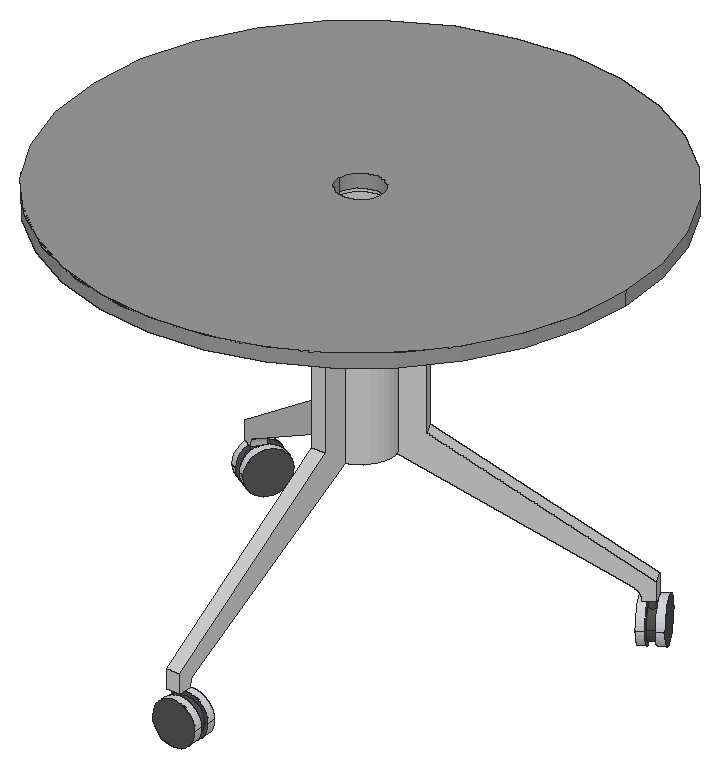
Revit family "Haworth_Planes_DiscussionTable_AP_PRELIMINARY", category Furniture, Revit 2019
Family settings
  OmniClass Number = 23.40.70.14.64.21
  OmniClass Title = Systems Furniture
  Work Plane-Based = No
  Always vertical = Yes
  Cut with Voids When Loaded = No
  Shared = No
  Room Calculation Point = No
Parameters (values of type "1000dia")
  with Cutout = if(Cutout, Actual Height + 30 mm, Actual Height - 50 mm)  # 770 mm
  Warranty = "http://www.haworth.com/resources/product-info/warranties"
  URL - Product = "https://www.haworth.com/ap/en/products/conference-tables/planes-0.html"
  Top Finish [instance] = Haworth _ Laminate _ Undecided _ Tables
  Support Finish [instance] = Haworth _ Paint _ Undecided _ Table
  Small = no
  Model = "WOPLTD"  # constant formula
  Medium = not(or(Large, Small))  # no
  Leg Height = Actual Height - 30 mm  # 710 mm
  Large = yes
  Glides = not(Casters)  # no
  Glide Finish = Haworth _ Polymer _ Black
  Flip Top Finish = Haworth _ Paint _ Undecided _ Table
  Description = "Haworth - Planes - Discussion Table"  # constant formula
  URL = "https://www.haworth.com/ap/en.html"
  Size = "Verify Final Dim. w/ Haworth"  # constant formula
  Revision Number = "1"  # constant formula
  Manufacturer = "Haworth"  # constant formula
  Cutout = yes
  Casters = yes
  Author = "Haworth (Abd Rahman)"  # constant formula
  Assembly Code = "E2020200"
  Actual Width = if(Small, 850 mm, if(Medium, 900 mm, 1000 mm))  # 1000 mm
  Actual Height = 740 mm  # constant formula
  Actual Diameter = Actual Width / 2  # 500 mm
  Actual Depth = Actual Width  # 1000 mm
Types (4, lengths in mm): name | with Cutout | Small | Medium | Large | Glides | Cutout | Casters | Actual Width | Actual Diameter | Actual Depth
  (no name) | 770 | no | no | yes | no | yes | yes | 1000 | 500 | 1000
  850dia | 690 | yes | no | no | yes | no | no | 850 | 425 | 850
  900dia | 770 | no | yes | no | yes | yes | no | 900 | 450 | 900
  1000dia | 770 | no | no | yes | no | yes | yes | 1000 | 500 | 1000
Reference planes
  plane 1 "Center F/B": y = 0
  plane 2: z = 0
  plane 3 "Top": z = 740
  plane 4: x = 0
  plane 5: z = 715
  plane 6: x = -500
  plane 7: x = 500
  plane 8: y = 500
  plane 9: y = -500
  plane 10: x = 200
  plane 11: x = -200
  plane 12: y = -380
  plane 13: z = 770
Forms (mm)
  Extrusion 1, solid, material "Haworth _ Laminate _ Undecided _ Tables" <- "Top Finish"
    sketch origin (0, 0, 0) x (1, 0, 0) y (0, 1, 0)
      loop
        circle (0, 0) r 500
    from 715 to 740
  Extrusion 2, void
    sketch origin (0, 0, 0) x (1, 0, 0) y (0, 1, 0)
      loop
        circle (0, 0) r 40
    from 0 to 770 <- "with Cutout"
Cuts and joins
  Extrusion 2 cuts Extrusion 1
Lines and regions (mm)
  Masking region 1
    outline origin (0, 0, 0) x (1, 0, 0) y (0, 1, 0)
      loop
        circle (0, 0) r 500
Dimensions and locks
  "Actual Height": plane 3 "Top" to level
  "Actual Width": plane 6 to plane 7
  equal spacing: plane 6, plane 4, plane 7
  equal spacing: plane 8, plane 1 "Center F/B", plane 9
  "Actual Depth": plane 8 to plane 9
  locked: plane 3 "Top" to plane 5 at 25
  locked: plane 6 to plane 11 at 300
  locked: plane 10 to plane 7 at 300
  locked: plane 12 to plane 9 at 120
  "with Cutout": plane 13 to level
  "Actual Diameter": radius of Extrusion 1 sketch curve
  radius of Extrusion 2 sketch curve = 40 mm
  "Actual Diameter": radius of Masking region 1 sketch curve
  aligned and locked: plane 4 to nested 1
  aligned and locked: plane 1 "Center F/B" to nested 1
  aligned and locked: plane 4 to Extrusion 1 sketch curve
  aligned and locked: plane 1 "Center F/B" to Extrusion 1 sketch curve
  aligned and locked: plane 3 "Top" to Extrusion 1
  aligned and locked: Extrusion 1 to plane 5
  aligned and locked: plane 4 to Extrusion 2 sketch curve
  aligned and locked: plane 1 "Center F/B" to Extrusion 2 sketch curve
  aligned and locked: Extrusion 2 to level
  aligned and locked: plane 4 to Masking region 1 sketch curve
  aligned and locked: plane 1 "Center F/B" to Masking region 1 sketch curve
Nested families
  nested 1: "Haworth_Planes_X-Base_AP-PART" at (-10, 0, 0), Support Finish <- "Support Finish", type "X-Base"
    with Support Finish Haworth _ Paint _ Undecided _ Table, Glides no
Definition of nested family "Haworth_Planes_X-Base_AP-PART"
  Parameters (values of type "X-Base")
    Warranty = ""
    URL - Product = ""
    Support Finish [instance] = none
    Glides = yes
    Model = "Haworth_Planes_X-Base_Part"  # constant formula
    Glide Finish = none
    Description = "Haworth_Planes_X-Base_Part"
    URL = ""
    Size = "Verify Final Dim. w/ Haworth"  # constant formula
    Revision Number = "1"  # constant formula
    Manufacturer = "Haworth"  # constant formula
    Casters = yes
    Caster Finish = none
    Author = "Haworth (Hampton, Abd Rahman)"  # constant formula
    Assembly Code = "E2020200"
    Actual Height = 710 mm
    Actual Diameter = 350 mm
  Reference planes
    plane 1 "Center F/B": y = 0
    plane 2 "Bottom": z = 0
    plane 3: z = 710
    plane 4: x = 10
    plane 5 "Leg 1": y = 12.7
    plane 6 "Leg 2": y = -12.7
    plane 7 "135": through (-0.006, -0.307, 1219.2) normal (-0.7071, 0.7071, 0)
    plane 8 "45": through (-0.006, 0.307, 1219.2) normal (0.7071, 0.7071, 0)
    plane 9: z = 715
  Forms (mm)
    Extrusion 1, solid, material <- "Support Finish"
      sketch origin (10.151, 4.437, 0) x (0.866025, 0.5, 0) y (-0.5, 0.866025, 0)
        loop
          circle (0, -3.75) r 55.705
        loop
          circle (0, -3.75) r 49
      from 303.6 to 710
    Extrusion 2, solid, material <- "Support Finish", visible <- "Glides"
      sketch origin (3.801, 15.436, 50.8) x (0.866025, 0.5, 0) y (0, 0, -1)
        loop
          line (98.08, -288.404) -> (439.738, -66.529) -> (439.738, 17.534) -> (417.332, 17.534) -> (417.332, -32.729)
          arc (417.332, -32.729) -> (414.84, -42.811) -> (408.447, -50.995) r 24.859
          arc (408.447, -50.995) -> (407.231, -51.896) -> (405.917, -52.645) r 12.7
          line (405.917, -52.645) -> (47.175, -252.8) -> (47.175, -659.2) -> (98.08, -659.2) -> (98.08, -288.404)
      from -25.4 to 0
    Extrusion 3, solid, material <- "Support Finish", visible <- "Casters"
      sketch origin (16.199, 15.436, 50.8) x (-0.866025, 0.5, 0) y (0, 0, 1)
        loop
          line (98.08, 288.404) -> (98.08, 659.2) -> (47.175, 659.2) -> (47.175, 252.8) -> (405.917, 52.645)
          arc (405.917, 52.645) -> (407.231, 51.896) -> (408.447, 50.995) r 12.7
          arc (408.447, 50.995) -> (414.84, 42.811) -> (417.332, 32.729) r 24.859
          line (417.332, 32.729) -> (439.738, 32.729) -> (439.738, 66.529) -> (98.08, 288.404)
      from -25.4 to 0
    Extrusion 4, solid, material <- "Support Finish", visible <- "Casters"
      sketch origin (23.002, 0.302, 50.8) x (0, -1, 0) y (0, 0, -1)
        loop
          line (98.08, -288.404) -> (439.738, -66.529) -> (439.738, -32.729) -> (417.332, -32.729)
          arc (417.332, -32.729) -> (414.84, -42.811) -> (408.447, -50.995) r 24.859
          arc (408.447, -50.995) -> (407.231, -51.896) -> (405.917, -52.645) r 12.7
          line (405.917, -52.645) -> (47.175, -252.8) -> (47.175, -659.2) -> (98.08, -659.2) -> (98.08, -288.404)
      from -25.4 to 0
    Extrusion 5, solid, material <- "Support Finish", visible <- "Casters"
      sketch origin (3.801, 15.436, 50.8) x (0.866025, 0.5, 0) y (0, 0, -1)
        loop
          line (98.08, -288.404) -> (439.738, -66.529) -> (439.738, -32.729) -> (417.332, -32.729)
          arc (417.332, -32.729) -> (414.84, -42.811) -> (408.447, -50.995) r 24.859
          arc (408.447, -50.995) -> (407.231, -51.896) -> (405.917, -52.645) r 12.7
          line (405.917, -52.645) -> (47.175, -252.8) -> (47.175, -659.2) -> (98.08, -659.2) -> (98.08, -288.404)
      from -25.4 to 0
    Revolve 6, solid, material <- "Glide Finish", visible <- "Glides"
      sketch origin (-12.581, 220.282, 0) x (-1, 0, 0) y (0, 0, 1)
        loop
          line (-394.273, 33.266) -> (-400.905, 33.266) -> (-400.905, 12.628)
          arc (-400.905, 12.628) -> (-415.811, 9.722) -> (-429.463, 3.071) r 58.389
          line (-429.463, 3.071) -> (-429.463, 0) -> (-394.273, 0) -> (-394.273, 33.266)
        axis (-394.273, 33.266) -> (-394.273, 0)
      angle from 0 to 360
    Extrusion 7, solid, material <- "Support Finish", visible <- "Glides"
      sketch origin (16.199, 15.436, 50.8) x (-0.866025, 0.5, 0) y (0, 0, 1)
        loop
          line (98.08, 288.404) -> (98.08, 659.2) -> (47.175, 659.2) -> (47.175, 252.8) -> (405.917, 52.645)
          arc (405.917, 52.645) -> (407.231, 51.896) -> (408.447, 50.995) r 12.7
          arc (408.447, 50.995) -> (414.84, 42.811) -> (417.332, 32.729) r 24.859
          line (417.332, 32.729) -> (417.332, -17.534) -> (439.738, -17.534) -> (439.738, 66.529) -> (98.08, 288.404)
      from -25.4 to 0
    Extrusion 8, solid, material <- "Support Finish", visible <- "Glides"
      sketch origin (-2.9, -7.825, 50.8) x (0, -1, 0) y (0, 0, 1)
        loop
          line (98.08, 288.404) -> (98.08, 659.2) -> (47.175, 659.2) -> (47.175, 252.8) -> (405.917, 52.645)
          arc (405.917, 52.645) -> (407.231, 51.896) -> (408.447, 50.995) r 12.7
          arc (408.447, 50.995) -> (414.84, 42.811) -> (417.332, 32.729) r 24.859
          line (417.332, 32.729) -> (417.332, -17.534) -> (439.738, -17.534) -> (439.738, 66.529) -> (98.08, 288.404)
      from -25.4 to 0
    Revolve 9, solid, material <- "Glide Finish", visible <- "Glides"
      sketch origin (30.081, 220.282, 0) x (1, 0, 0) y (0, 0, 1)
        loop
          line (-394.273, 33.266) -> (-400.905, 33.266) -> (-400.905, 12.628)
          arc (-400.905, 12.628) -> (-415.811, 9.722) -> (-429.463, 3.071) r 58.389
          line (-429.463, 3.071) -> (-429.463, 0) -> (-394.273, 0) -> (-394.273, 33.266)
        axis (-394.273, 33.266) -> (-394.273, 0)
      angle from 0 to 360
    Revolve 10, solid, material <- "Glide Finish", visible <- "Glides"
      sketch origin (404.135, -435.375, 0) x (1, 0, 0) y (0, 0, -1)
        loop
          line (-394.273, -33.266) -> (-394.273, 0) -> (-429.463, 0) -> (-429.463, -3.071)
          arc (-429.463, -3.071) -> (-415.811, -9.722) -> (-400.905, -12.628) r 58.389
          line (-400.905, -12.628) -> (-400.905, -33.266) -> (-394.273, -33.266)
        axis (-394.273, -33.266) -> (-394.273, 0)
      angle from 0 to 360
    Extrusion 11, solid, material <- "Support Finish"
      sketch origin (10, 0, 0) x (1, 0, 0) y (0, 1, 0)
        loop
          circle (0, 0) r 350
        loop
          circle (0, 0) r 40
      from 710 to 715
  Cuts and joins
    joined: Extrusion 3, Extrusion 4
  Lines and regions (mm)
    Masking region 1, detail levels medium+fine
      outline origin (9.823, -0.025, 0) x (1, 0, 0) y (0, 1, 0)
        loop
          line (12.677, -427.04) -> (12.677, -55.237)
          arc (12.677, -55.237) -> (50.058, -26.699) -> (53.048, 20.235) r 56.71
          line (53.048, 20.235) -> (403.944, 222.825)
          arc (403.944, 222.825) -> (403.196, 237.129) -> (389.157, 239.966) r 11.687
          line (389.157, 239.966) -> (41.085, 39.405)
          arc (41.085, 39.405) -> (0.237, 56.71) -> (-40.571, 39.313) r 56.71
          line (-40.571, 39.313) -> (-388.804, 239.966)
          arc (-388.804, 239.966) -> (-402.842, 237.129) -> (-403.59, 222.825) r 11.687
          line (-403.59, 222.825) -> (-52.694, 20.235)
          arc (-52.694, 20.235) -> (-49.789, -26.539) -> (-12.677, -55.156) r 56.71
          line (-12.677, -55.156) -> (-12.677, -427.04)
          spline (-12.677, -427.04) -> (-12.668, -428.613) -> (-12.429, -430.171) -> (-11.964, -431.688) -> (-11.28, -433.139) -> (-10.39, -434.499) -> (-9.307, -435.745) -> (-8.052, -436.855) -> (-6.644, -437.811) -> (-5.108, -438.596) -> (-3.47, -439.198) -> (-1.758, -439.605) -> (0, -439.812)
          spline (0, -439.812) -> (1.758, -439.605) -> (3.47, -439.198) -> (5.108, -438.596) -> (6.644, -437.811) -> (8.052, -436.855) -> (9.307, -435.745) -> (10.39, -434.499) -> (11.28, -433.139) -> (11.964, -431.688) -> (12.429, -430.171) -> (12.668, -428.613) -> (12.677, -427.04)
    symbolic lines, visible <- "Casters"
      curve 1: arc (-25.329, -435.375, 0) -> (9.862, -470.566, 0) -> (45.053, -435.375, 0) r 35.191
      curve 2: arc (45.053, -435.375, 0) -> (9.862, -400.184, 0) -> (-25.329, -435.375, 0) r 35.191
    symbolic lines, visible <- "Glides"
      curve 3: arc (416.883, 220.282, 0) -> (381.692, 255.473, 0) -> (346.501, 220.282, 0) r 35.191
      curve 4: arc (346.501, 220.282, 0) -> (381.692, 185.091, 0) -> (416.883, 220.282, 0) r 35.191
      curve 5: arc (-399.383, 220.282, 0) -> (-364.192, 255.473, 0) -> (-329.001, 220.282, 0) r 35.191
      curve 6: arc (-329.001, 220.282, 0) -> (-364.192, 185.091, 0) -> (-399.383, 220.282, 0) r 35.191
  Dimensions and locks
    "Actual Height": plane 3 to level
    locked: plane 9 to plane 3 at 5
    "Actual Diameter": radius of Extrusion 11 sketch curve
    aligned and locked: plane 3 to Extrusion 2
    aligned and locked: plane 3 to Extrusion 4
    aligned and locked: plane 3 to Extrusion 3
    aligned and locked: plane 3 to Extrusion 1
    aligned and locked: plane 4 to Extrusion 11 sketch curve  (x2)
    aligned and locked: plane 1 "Center F/B" to Extrusion 11 sketch curve  (x2)
    aligned and locked: plane 9 to Extrusion 11
    aligned and locked: Extrusion 11 to plane 3
  Automatic sketch dimensions
    plane 5 "Leg 1" to Masking region 1 sketch curve = 210.1 mm  (x2)
    plane 4 to Masking region 1 sketch curve = 403.767 mm
    Masking region 1 sketch curve to Masking region 1 sketch curve = 9.597 mm  (x2)
    Masking region 1 sketch curve to Masking region 1 sketch curve = 5.19 mm  (x2)
    plane 5 "Leg 1" to Masking region 1 sketch curve = 7.511 mm  (x2)
    plane 4 to Masking region 1 sketch curve = 52.871 mm
    Masking region 1 sketch curve to Masking region 1 sketch curve = 12.123 mm
    plane 4 to Masking region 1 sketch curve = 12.854 mm
    Masking region 1 sketch curve to plane 1 "Center F/B" = 0.025 mm  (x2)
    plane 4 to Masking region 1 sketch curve = 0.125 mm
    Masking region 1 sketch curve to plane 4 = 0.125 mm
    Masking region 1 sketch curve to Masking region 1 sketch curve = 0 mm  (x2)
    Masking region 1 sketch curve to plane 4 = 12.5 mm
    plane 5 "Leg 1" to Masking region 1 sketch curve = 26.68 mm
    Masking region 1 sketch curve to plane 4 = 40.908 mm
    Masking region 1 sketch curve to Masking region 1 sketch curve = 11.963 mm
    Masking region 1 sketch curve to plane 4 = 388.98 mm
    Masking region 1 sketch curve to Masking region 1 sketch curve = 371.884 mm
    plane 1 "Center F/B" to Masking region 1 sketch curve = 0.025 mm
    Masking region 1 sketch curve to Masking region 1 sketch curve = 6.669 mm  (x2)
    Masking region 1 sketch curve to Masking region 1 sketch curve = 0.025 mm  (x2)
    plane 4 to Masking region 1 sketch curve = 1.083 mm
    plane 4 to Masking region 1 sketch curve = 0.177 mm
    Masking region 1 sketch curve to plane 4 = 0.73 mm
    Masking region 1 sketch curve to Masking region 1 sketch curve = 0.729 mm
    Extrusion 1 sketch curve to Extrusion 1 sketch curve = 0 mm  (x2)
    plane 7 "135" to Extrusion 1 sketch curve = 7.449 mm
    plane 1 "Center F/B" to Extrusion 1 sketch curve = 1.19 mm
    plane 3 to Extrusion 2 sketch curve = 0 mm
    Extrusion 2 sketch curve to Extrusion 2 sketch curve = 50.905 mm
    level to Extrusion 2 sketch curve = 82.737 mm
    Extrusion 2 sketch curve to Extrusion 2 sketch curve = 294.406 mm
    Extrusion 2 sketch curve to Extrusion 2 sketch curve = 7.806 mm
    level to Extrusion 2 sketch curve = 103.445 mm
    Extrusion 2 sketch curve to Extrusion 2 sketch curve = 5.624 mm
    Extrusion 2 sketch curve to Extrusion 2 sketch curve = 24.846 mm
    Extrusion 2 sketch curve to Extrusion 2 sketch curve = 33.821 mm
    level to Extrusion 2 sketch curve = 339.204 mm
    Extrusion 2 sketch curve to Extrusion 2 sketch curve = 35.604 mm
    Extrusion 2 sketch curve to Extrusion 2 sketch curve = 13.884 mm
    Extrusion 2 sketch curve to Extrusion 2 sketch curve = 9.322 mm
    Extrusion 2 sketch curve to Extrusion 2 sketch curve = 8.529 mm
    level to Extrusion 2 sketch curve = 33.266 mm
    plane 3 to Extrusion 3 sketch curve = 0 mm
    level to Extrusion 3 sketch curve = 303.6 mm
    level to Extrusion 3 sketch curve = 339.204 mm
    Extrusion 3 sketch curve to Extrusion 3 sketch curve = 50.905 mm
    level to Extrusion 3 sketch curve = 82.737 mm
    Extrusion 3 sketch curve to Extrusion 3 sketch curve = 294.406 mm
    Extrusion 3 sketch curve to Extrusion 3 sketch curve = 7.806 mm
    level to Extrusion 3 sketch curve = 103.445 mm
    Extrusion 3 sketch curve to Extrusion 3 sketch curve = 5.624 mm
    Extrusion 3 sketch curve to Extrusion 3 sketch curve = 17.04 mm
    Extrusion 3 sketch curve to Extrusion 3 sketch curve = 22.405 mm
    Extrusion 3 sketch curve to Extrusion 3 sketch curve = 19.916 mm
    Extrusion 3 sketch curve to Extrusion 3 sketch curve = 9.322 mm
    Extrusion 3 sketch curve to Extrusion 3 sketch curve = 33.8 mm
    Extrusion 4 sketch curve to plane 3 = 0 mm
    plane 6 "Leg 2" to Extrusion 4 sketch curve = 34.173 mm
    Extrusion 4 sketch curve to Extrusion 4 sketch curve = 50.905 mm
    level to Extrusion 4 sketch curve = 82.737 mm
    plane 6 "Leg 2" to Extrusion 4 sketch curve = 379.485 mm
    Extrusion 4 sketch curve to Extrusion 4 sketch curve = 7.806 mm
    level to Extrusion 4 sketch curve = 103.445 mm
    Extrusion 4 sketch curve to Extrusion 4 sketch curve = 5.624 mm
    Extrusion 4 sketch curve to Extrusion 4 sketch curve = 17.04 mm
    Extrusion 4 sketch curve to Extrusion 4 sketch curve = 22.405 mm
    level to Extrusion 4 sketch curve = 339.204 mm
    Extrusion 4 sketch curve to Extrusion 4 sketch curve = 35.604 mm
    Extrusion 4 sketch curve to Extrusion 4 sketch curve = 13.884 mm
    Extrusion 4 sketch curve to Extrusion 4 sketch curve = 9.322 mm
    Extrusion 4 sketch curve to Extrusion 4 sketch curve = 33.8 mm
    plane 3 to Extrusion 5 sketch curve = 0 mm
    level to Extrusion 5 sketch curve = 303.6 mm
    level to Extrusion 5 sketch curve = 339.204 mm
    Extrusion 5 sketch curve to Extrusion 5 sketch curve = 50.905 mm
    level to Extrusion 5 sketch curve = 82.737 mm
    Extrusion 5 sketch curve to Extrusion 5 sketch curve = 294.406 mm
    Extrusion 5 sketch curve to Extrusion 5 sketch curve = 7.806 mm
    level to Extrusion 5 sketch curve = 103.445 mm
    Extrusion 5 sketch curve to Extrusion 5 sketch curve = 5.624 mm
    Extrusion 5 sketch curve to Extrusion 5 sketch curve = 17.04 mm
    Extrusion 5 sketch curve to Extrusion 5 sketch curve = 22.405 mm
    Extrusion 5 sketch curve to Extrusion 5 sketch curve = 13.884 mm
    Extrusion 5 sketch curve to Extrusion 5 sketch curve = 9.322 mm
    Extrusion 5 sketch curve to Extrusion 5 sketch curve = 33.8 mm
    Revolve 6 sketch curve to level = 0 mm  (x2)
    Revolve 6 sketch curve to level = 3.071 mm
    plane 4 to Revolve 6 sketch curve = 406.883 mm
    Revolve 6 sketch curve to level = 12.628 mm
    Revolve 6 sketch curve to Revolve 6 sketch curve = 28.559 mm
    level to Revolve 6 sketch curve = 45.648 mm
    Revolve 6 sketch curve to Revolve 6 sketch curve = 6.632 mm
    Revolve 6 sketch curve to Revolve 6 sketch curve = 20.637 mm
    Revolve 6 sketch curve to Revolve 6 sketch curve = 0 mm  (x2)
    plane 3 to Extrusion 7 sketch curve = 0 mm
    Extrusion 7 sketch curve to Extrusion 7 sketch curve = 50.905 mm
    level to Extrusion 7 sketch curve = 82.737 mm
    Extrusion 7 sketch curve to Extrusion 7 sketch curve = 294.406 mm
    Extrusion 7 sketch curve to Extrusion 7 sketch curve = 7.806 mm
    level to Extrusion 7 sketch curve = 103.445 mm
    Extrusion 7 sketch curve to Extrusion 7 sketch curve = 5.624 mm
    Extrusion 7 sketch curve to Extrusion 7 sketch curve = 24.846 mm
    Extrusion 7 sketch curve to Extrusion 7 sketch curve = 33.821 mm
    level to Extrusion 7 sketch curve = 33.266 mm
    Extrusion 7 sketch curve to Extrusion 7 sketch curve = 19.916 mm
    Extrusion 7 sketch curve to Extrusion 7 sketch curve = 9.322 mm
    Extrusion 7 sketch curve to Extrusion 7 sketch curve = 15.534 mm
    level to Extrusion 7 sketch curve = 303.6 mm
    Extrusion 7 sketch curve to Extrusion 7 sketch curve = 35.604 mm
    Extrusion 8 sketch curve to plane 3 = 0 mm
    plane 6 "Leg 2" to Extrusion 8 sketch curve = 42.3 mm
    Extrusion 8 sketch curve to Extrusion 8 sketch curve = 50.905 mm
    level to Extrusion 8 sketch curve = 82.737 mm
    plane 6 "Leg 2" to Extrusion 8 sketch curve = 387.611 mm
    Extrusion 8 sketch curve to Extrusion 8 sketch curve = 7.806 mm
    level to Extrusion 8 sketch curve = 103.445 mm
    Extrusion 8 sketch curve to Extrusion 8 sketch curve = 5.624 mm
    Extrusion 8 sketch curve to Extrusion 8 sketch curve = 24.846 mm
    Extrusion 8 sketch curve to Extrusion 8 sketch curve = 33.821 mm
    level to Extrusion 8 sketch curve = 33.266 mm
    Extrusion 8 sketch curve to Extrusion 8 sketch curve = 19.916 mm
    Extrusion 8 sketch curve to Extrusion 8 sketch curve = 9.322 mm
    Extrusion 8 sketch curve to Extrusion 8 sketch curve = 15.534 mm
    level to Extrusion 8 sketch curve = 303.6 mm
    Extrusion 8 sketch curve to Extrusion 8 sketch curve = 35.604 mm
    Revolve 9 sketch curve to level = 0 mm  (x2)
    level to Revolve 9 sketch curve = 3.071 mm
    plane 4 to Revolve 9 sketch curve = 409.383 mm
    level to Revolve 9 sketch curve = 12.628 mm
    Revolve 9 sketch curve to Revolve 9 sketch curve = 28.559 mm
    Revolve 9 sketch curve to level = 45.648 mm
    Revolve 9 sketch curve to Revolve 9 sketch curve = 6.632 mm
    Revolve 9 sketch curve to Revolve 9 sketch curve = 20.637 mm
    Revolve 9 sketch curve to Revolve 9 sketch curve = 0 mm  (x2)
    Revolve 10 sketch curve to level = 0 mm  (x2)
    level to Revolve 10 sketch curve = 3.071 mm
    plane 4 to Revolve 10 sketch curve = 35.329 mm
    level to Revolve 10 sketch curve = 12.628 mm
    Revolve 10 sketch curve to Revolve 10 sketch curve = 28.559 mm
    Revolve 10 sketch curve to level = 45.648 mm
    Revolve 10 sketch curve to Revolve 10 sketch curve = 6.632 mm
    Revolve 10 sketch curve to Revolve 10 sketch curve = 20.637 mm
    Revolve 10 sketch curve to Revolve 10 sketch curve = 0 mm  (x2)
    plane 4 to curve 2 = 0.138 mm
    plane 6 "Leg 2" to curve 2 = 422.675 mm
    curve 2 to curve 1 = 35.191 mm
    curve 3 to plane 4 = 371.692 mm
    plane 5 "Leg 1" to curve 3 = 207.582 mm
    curve 4 to curve 3 = 35.191 mm
    curve 5 to curve 6 = 0 mm  (x2)
    plane 4 to curve 5 = 374.192 mm
    plane 5 "Leg 1" to curve 5 = 207.582 mm
    curve 5 to curve 6 = 35.191 mm
    radius of Extrusion 1 sketch curve = 55.705 mm
    radius of Extrusion 1 sketch curve = 49 mm
    radius of Extrusion 11 sketch curve = 40 mm
  Nested families
    nested 1: "Haworth_3in Caster" at (384.101, 220.337, 0) x (0.866, 0.5, 0) z (0, 0, 1), visible <- "Casters", type "Haworth_3in Caster"
    nested 2: "Haworth_3in Caster" at (-364.101, 220.337, 0) x (-0.866, 0.5, 0) z (0, 0, 1), visible <- "Casters", type "Haworth_3in Caster"
    nested 3: "Haworth_3in Caster" at (10.302, -431.498, 0) x (0, -1, 0) z (0, 0, 1), visible <- "Casters", type "Haworth_3in Caster"
  Definition of nested family "Haworth_3in Caster"
    Parameters (values of type "Haworth_3in Caster")
      Caster Finish = none
      Cart Leg Finish = none
      Assembly Code = ""
    Reference planes
      plane 1 "Center (Front/Back)": y = 0
      plane 2: z = 0
      plane 3 "Center (Left/Right)": x = 0
    Forms (mm)
      Extrusion 1, solid
        sketch origin (0, 0, -0.538) x (0, 1, 0) y (0, 0, 1)
          loop
            circle (-12.369, 40.225) r 39.688
        from 22.225 to 7.938
      Extrusion 2, solid
        sketch origin (0, 0, -0.538) x (0, 1, 0) y (0, 0, 1)
          loop
            circle (-12.369, 40.225) r 39.688
        from -22.225 to -7.938
      Extrusion 3, solid
        sketch origin (0, 0, 0) x (0, 1, 0) y (0, 0, 1)
          loop
            circle (-12.369, 39.687) r 33.338
        from -7.938 to 7.938
      Extrusion 4, solid
        sketch origin (0, 0, 0) x (1, 0, 0) y (0, 1, 0)
          loop
            circle (0, 0) r 6.35
        from 61.913 to 87.313
    Cuts and joins
      joined: Extrusion 3, Extrusion 4
    Lines and regions (mm)
      Masking region 1
        outline origin (0, 0, 0) x (1, 0, 0) y (0, 1, 0)
          loop
            line (-22.225, 27.319) -> (-22.225, -52.056) -> (-7.937, -52.056) -> (-7.937, -45.706) -> (7.938, -45.706) -> (7.938, -52.056) -> (22.225, -52.056) -> (22.225, 27.319) -> (7.938, 27.319) -> (7.938, 20.969) -> (-7.937, 20.969) -> (-7.937, 27.319) -> (-22.225, 27.319)
      symbolic lines
        curve 1: circle (0, 0, 0) r 6.35 normal (0, 0, 1)
    Dimensions and locks
      plane 3 "Center (Left/Right)" to Extrusion 2 = 7.938 mm
      Extrusion 1 to plane 3 "Center (Left/Right)" = 22.225 mm
